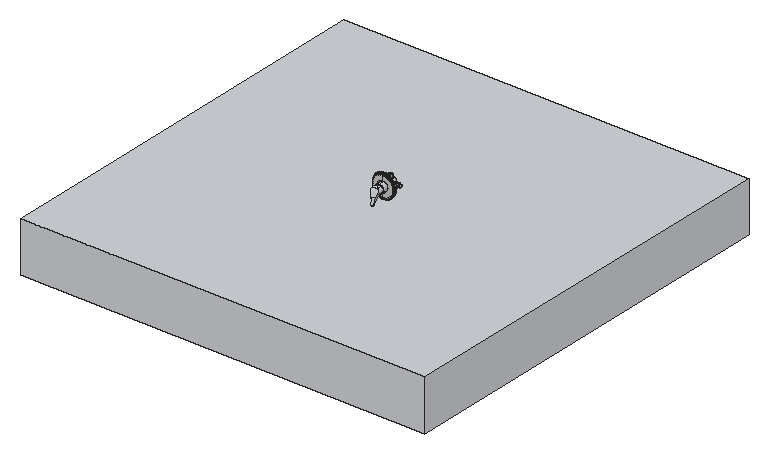
Revit family
Parameters (values of type "SV16-LVR")
  Waste Connection = no
  WFU = 0
  Voltage = 0
  Vent Connection = no
  URL = "http://www.acorneng.com/"
  Type Comments = ""
  Tempered Water Connection = yes
  SV16-LVR - Shower Valve w/ Lever Handle = yes
  Revised Date = "20/5/2014"
  Phone# = "626-336-4561"
  Model = "SV16-LVR"
  Material = Stainless Steel
  Manufacturer = "Acorn Engineering Company"
  HWFU = 0
  HW Connection = yes
  Designed By = "Allied Technical Services"  # constant formula
  Description = "SV16-LVR Shower Valve w/ Lever Handle"
  Default Elevation = 0"
  CWFU = 0
  CW Connection = yes
  Assembly Code = "D2020300"
  Amperage = 0
Reference planes (in)
  plane 1 "Center (Front/Back)": y = 0
  plane 2: z = 0
  plane 3 "Center (Left/Right)": x = 0
  plane 4: y = 0.08616
  plane 5: y = 1.12854
  plane 6: y = -1.09729
  plane 7: z = 1.0625
  plane 8: z = 4.4375
  plane 9: x = -2.56009
  plane 10: x = 2.56491
  plane 11: z = 5.5
  plane 12: z = 2.75
  plane 13: z = 0
  plane 14: z = 4.0161
Forms (in)
  Extrusion 1, solid
    sketch origin (0, 0, 0) x (1, 0, 0) y (0, 1, 0)
      loop
        line (-48, 48) -> (-48, -48) -> (48, -48) -> (48, 48) -> (-48, 48)
    from 0 to -12
  Revolve 2, solid, material "Stainless Steel" <- "Material"
    sketch origin (0, 1.75, -1.875) x (-1, 0, 0) y (0, 0, 1)
      loop
        line (1.93028, 5.06367) -> (-1.93028, 5.06367) -> (-1.93028, 4.84375) -> (-1.99278, 4.84375) -> (-1.99278, 4.875) -> (-2.05528, 4.875) -> (-2.05528, 4.84375) -> (-2.11778, 4.84375) -> (-2.11778, 4.875) -> (-2.18028, 4.875) -> (-2.18028, 4.84375) -> (-2.24278, 4.84375) -> (-2.24278, 4.875) -> (-2.30528, 4.875) -> (-2.30528, 4.84375) -> (-2.36778, 4.84375) -> (-2.36778, 4.875) -> (-2.43028, 4.875) -> (-2.43028, 4.84375) -> (-2.49278, 4.84375) -> (-2.49278, 4.875) -> (-2.56009, 4.875) -> (-2.56009, 4.80306) -> (2.56009, 4.80306) -> (2.56009, 4.875) -> (2.49278, 4.875) -> (2.49278, 4.84375) -> (2.43028, 4.84375) -> (2.43028, 4.875) -> (2.36778, 4.875) -> (2.36778, 4.84375) -> (2.30528, 4.84375) -> (2.30528, 4.875) -> (2.24278, 4.875) -> (2.24278, 4.84375) -> (2.18028, 4.84375) -> (2.18028, 4.875) -> (2.11778, 4.875) -> (2.11778, 4.84375) -> (2.05528, 4.84375) -> (2.05528, 4.875) -> (1.99278, 4.875) -> (1.99278, 4.84375) -> (1.93028, 4.84375) -> (1.93028, 5.06367)
      axis (-2.56009, 4.625) -> (2.56009, 4.625)
    angle from 0 to 360
  Revolve 3, solid, material "Stainless Steel" <- "Material"
    sketch origin (0, 1.75, -1.875) x (-1, 0, 0) y (0, 0, 1)
      loop
        line (-0.25, 6.3125) -> (-0.45938, 6.3125) -> (-0.52119, 5.42845) -> (-0.52119, 3.82155) -> (-0.45938, 2.9375) -> (-0.25, 2.9375) -> (-0.25, 3) -> (-0.3125, 3) -> (-0.3125, 3.0625) -> (-0.25, 3.0625) -> (-0.25, 3.125) -> (-0.3125, 3.125) -> (-0.3125, 3.1875) -> (-0.25, 3.1875) -> (-0.25, 3.25) -> (-0.3125, 3.25) -> (-0.3125, 3.3125) -> (-0.25, 3.3125) -> (-0.25, 3.375) -> (-0.3125, 3.375) -> (-0.3125, 3.4375) -> (-0.25, 3.4375) -> (-0.25, 5.8125) -> (-0.3125, 5.8125) -> (-0.3125, 5.875) -> (-0.25, 5.875) -> (-0.25, 5.9375) -> (-0.3125, 5.9375) -> (-0.3125, 6) -> (-0.25, 6) -> (-0.25, 6.0625) -> (-0.3125, 6.0625) -> (-0.3125, 6.125) -> (-0.25, 6.125) -> (-0.25, 6.1875) -> (-0.3125, 6.1875) -> (-0.3125, 6.25) -> (-0.25, 6.25) -> (-0.25, 6.3125)
      axis (0, 6.3125) -> (0, 2.9375)
    angle from 0 to 360
  Extrusion 4, solid, material "Stainless Steel" <- "Material"
    sketch origin (0, 1.75, -1.875) x (-1, 0, 0) y (0, 0, 1)
      loop
        line (-1.15605, 4.625) -> (-1.15605, 3.72571)
        arc (-1.15605, 3.72571) -> (-1.09179, 3.57056) -> (-0.93664, 3.50629) r 0.21941
        line (-0.93664, 3.50629) -> (0, 3.50629) -> (0, 4.33818)
        arc (0, 4.33818) -> (0.20281, 4.42219) -> (0.28682, 4.625) r 0.28682
        line (0.28682, 4.625) -> (1.15605, 4.625) -> (1.15605, 5.52429)
        arc (1.15605, 5.52429) -> (1.09179, 5.67944) -> (0.93664, 5.74371) r 0.21941
        line (0.93664, 5.74371) -> (0, 5.74371) -> (0, 4.91182)
        arc (0, 4.91182) -> (-0.20281, 4.82781) -> (-0.28682, 4.625) r 0.28682
        line (-0.28682, 4.625) -> (-1.15605, 4.625)
    from 0.52119 to -0.52119
  Revolve 5, solid, material "Stainless Steel" <- "Material"
    sketch origin (0, 5.35735, -1.875) x (0, -1, 0) y (0, 0, 1)
      loop
        line (5.35735, 5.8911) -> (4.45152, 5.8911) -> (4.45152, 5.6411) -> (3.01584, 5.6411) -> (3.01584, 5.55427) -> (2.93477, 5.55427) -> (2.93477, 4.625) -> (5.53045, 4.625) -> (5.53045, 5.76431) -> (5.61114, 5.76431) -> (5.61114, 5.82736) -> (5.69184, 5.82736) -> (5.69184, 5.8911) -> (5.77253, 5.8911) -> (5.77253, 7.03953)
        arc (5.77253, 7.03953) -> (5.74889, 7.09658) -> (5.69184, 7.12022) r 0.08069
        arc (5.69184, 7.12022) -> (5.6682, 7.17728) -> (5.61114, 7.20091) r 0.08069
        arc (5.61114, 7.20091) -> (5.58751, 7.25797) -> (5.53045, 7.2816) r 0.08069
        arc (5.53045, 7.2816) -> (5.50309, 7.34765) -> (5.43705, 7.375) r 0.0934
        line (5.43705, 7.375) -> (5.35735, 7.375) -> (5.35735, 5.8911)
      axis (2.93477, 4.625) -> (5.77253, 4.625)
    angle from 0 to 360
  Revolve 6, solid
    sketch origin (0, 0, 0) x (0, 1, 0) y (0, 0, 1)
      loop
        line (-1.54934, 3.71301) -> (-1.60349, 3.65886) -> (-1.60349, 2.75) -> (-0.1731, 2.75) -> (-0.1731, 3.71301) -> (-1.54934, 3.71301)
      axis (-1.60349, 2.75) -> (-0.1731, 2.75)
    angle from 0 to 360
  Extrusion 7, solid
    sketch origin (0, 0, 0) x (1, 0, 0) y (0, 0, 1)
      loop
        arc (-0.87835, 2.51648) -> (-0.45886, 1.4311) -> (-0.28394, 0.28071) r 5.35077
        arc (-0.28394, 0.28071) -> (0, -0.00323) -> (0.28394, 0.28071) r 0.28394
        arc (0.28394, 0.28071) -> (0.45886, 1.4311) -> (0.87835, 2.51648) r 5.35077
        arc (0.87835, 2.51648) -> (0, 3.65886) -> (-0.87835, 2.51648) r 0.90886
    from 1.60349 to 3.71825
  Extrusion 8, void
    sketch origin (0, 0, 0) x (0, 1, 0) y (0, 0, 1)
      loop
        line (-2.01544, 3.65886) -> (-3.71825, 3.65886) -> (-3.71825, -0.01563) -> (-3.63162, -0.01563) -> (-3.20516, 1.69479)
        arc (-3.20516, 1.69479) -> (-2.93625, 2.53668) -> (-2.56075, 3.33673) r 6.82146
        arc (-2.56075, 3.33673) -> (-2.33212, 3.57231) -> (-2.01544, 3.65886) r 0.62262
      loop
        line (-3.40346, -0.01563) -> (-1.60349, -0.01563) -> (-1.60349, 1.84114) -> (-2.42714, 1.89874)
        arc (-2.42714, 1.89874) -> (-2.61487, 1.86206) -> (-2.75887, 1.73615) r 0.3682
        arc (-2.75887, 1.73615) -> (-3.18543, 0.89863) -> (-3.40346, -0.01563) r 3.97549
    from -0.94887 to 0.95533
  Extrusion 9, void
    sketch origin (0, 0, 0) x (-1, 0, 0) y (0, 0, 1)
      loop
        arc (0.90886, 2.75) -> (0, 1.84114) -> (-0.90886, 2.75) r 0.90886
        line (-0.90886, 2.75) -> (-0.90886, 1.63249) -> (0.90886, 1.63249) -> (0.90886, 2.75)
    from -2.47838 to -1.60349
Cuts and joins
  Extrusion 8 cuts Revolve 6
  Extrusion 8, Extrusion 9 cuts Extrusion 7
  Extrusion 9 cuts Revolve 2
  Extrusion 9 cuts Revolve 3
  Extrusion 9 cuts Extrusion 4
Lines and regions (in)
  model lines
    curve 1: circle (0, -0.41518, 2.75) r 2.25 normal (0, -1, 0)
Dimensions and locks (in)
  aligned and locked: plane 2 to Extrusion 1
  aligned and locked: level to Extrusion 1
Connectors (in)
  piping at (0, 1.75, 4.4375)
    settings: on Revolve 3, index 6
  piping at (-2.56009, 1.75, 2.75)
    settings: on Revolve 2, index 7
  piping at (0, 1.75, 1.0625)
    settings: on Revolve 3, index 8
  piping at (2.56009, 1.75, 2.75)
    settings: on Revolve 2, index 9
